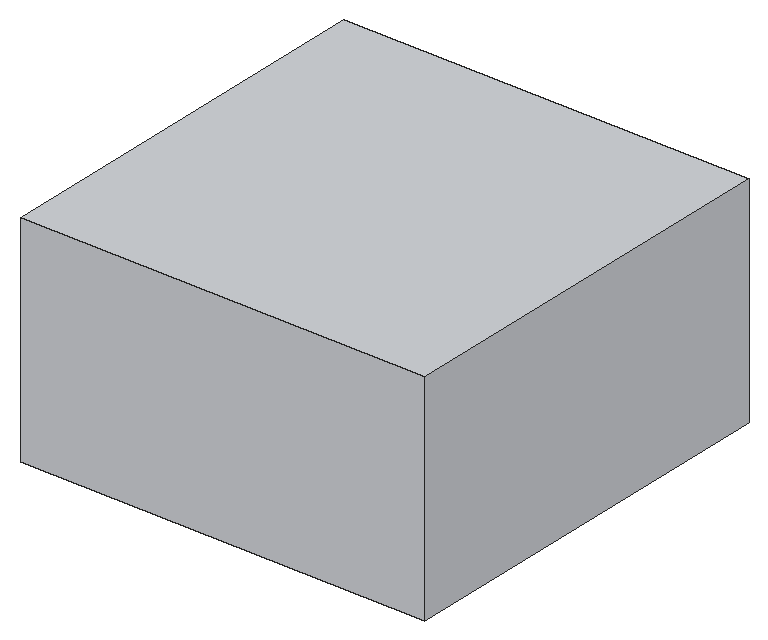
Revit family "M_Caixas de junção - Sem carga", category Iluminação elétrica, Revit 2019
Family settings
  Manter orientação da anotação = Não
  Cota do conector redondo = Utilizar diâmetro
  Tipo de parte = Caixa de junção
  Número OmniClass = 23.80.30.14.24
  Título OmniClass = Junction Boxes
  ID de item do Seek = Junction Boxes - No Load-0000-CAN-ENU
  Com base no plano de trabalho = Não
  Sempre na vertical = Sim
  Corte com vazios quando carregada = Não
  Compartilhado = Não
  Ponto de cálculo do ambiente = Não
Parameters (values of type "100 quadrados")
  Largura = 100 mm
  Voltagem [instance] = 120 V
  Número de pólos [instance] = 1
  Classificação de carga = Potência
  Altura = 100 mm
  Linear = 54 mm
  Carga aparente = 0 VA
Reference planes
  plane 1 "Centro (Frente/Trás)": y = 0
  plane 2: z = 0
  plane 3 "Centro (Esquerda/Direita)": x = 0
  plane 4 "Parte posterior": y = 50
  plane 5 "Parte frontal": y = -50
  plane 6 "Esquerda": x = -50
  plane 7 "Direita": x = 50
  plane 8 "Superior": z = 54
Forms (mm)
  Extrusion 1, solid
    sketch origin (0, 0, 0) x (1, 0, 0) y (0, 1, 0)
      loop
        line (-50, 50) -> (-50, -50) -> (50, -50) -> (50, 50) -> (-50, 50)
    from 0 to 54
Lines and regions (mm)
  model lines, detail levels fine
    curve 1: line (-50, 50, 0) -> (50, 50, 0)
    curve 2: line (-50, -50, 0) -> (-50, 50, 0)
    curve 3: line (50, -50, 0) -> (-50, -50, 0)
    curve 4: line (50, 50, 0) -> (50, -50, 0)
Dimensions and locks
  equal spacing: plane 6 "Esquerda", plane 3 "Centro (Esquerda/Direita)", plane 7 "Direita"
  "Altura": plane 6 "Esquerda" to plane 7 "Direita"
  equal spacing: plane 5 "Parte frontal", plane 1 "Centro (Frente/Trás)", plane 4 "Parte posterior"
  "Largura": plane 5 "Parte frontal" to plane 4 "Parte posterior"
  "Linear": plane 8 "Superior" to plane 2
  aligned and locked: plane 6 "Esquerda" to Extrusion 1 sketch curve
  aligned and locked: plane 4 "Parte posterior" to Extrusion 1 sketch curve
  aligned and locked: plane 5 "Parte frontal" to Extrusion 1 sketch curve
  aligned and locked: Extrusion 1 sketch curve to plane 7 "Direita"
  aligned and locked: plane 8 "Superior" to Extrusion 1
  aligned and locked: curve 1 to Extrusion 1  (x2)
  aligned and locked: Extrusion 1 to curve 4
  aligned and locked: curve 4 to Extrusion 1
  aligned and locked: plane 3 "Centro (Esquerda/Direita)" to nested 1
  aligned and locked: plane 1 "Centro (Frente/Trás)" to nested 1
Nested families
  nested 1: "M_Anotação das caixas de junção" at (0, 0, 0), type "M_Anotação das caixas de junção", detail levels coarse+medium
Connectors
  electrical at (0, 0, 54), driven by "Voltagem", driven by "Número de pólos", driven by "Carga aparente", driven by "Classificação de carga"
    settings: on Extrusion 1, index 1, voltage 120 V, apparent load 0 VA, apparent load phase1 0 VA, apparent load phase2 0 VA, apparent load phase3 0 VA, power factor 1, load classification "Potência", number of poles 1, system type 31, power factor state 1, is connector primary yes, connector utility no, sub classification motor no, connector description ""
Definition of nested family "M_Anotação das caixas de junção"
  Parameters
    Legenda = "J"
  Reference planes
    plane 1: y = 0
    plane 2: x = 0
  Lines and regions (mm)
    detail lines
      curve 1: circle (0, 0, 0) r 2.381 normal (0, 0, 1)
  Text (mm)
    label "J" at (-0.674, -0.231, 0), shows "Legenda"
  Dimensions and locks
    aligned and locked: plane 1 to curve 1
    aligned and locked: plane 2 to curve 1
